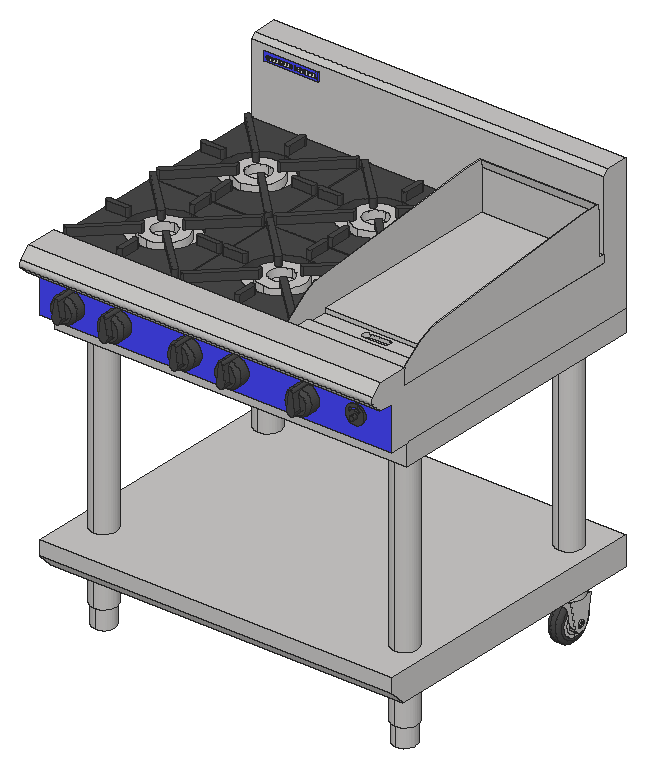
Revit family "QF_MOFFAT_BLUESEAL_CE_G516C-LS", category Specialty Equipment, Revit 2012 (continued)
Definition of nested family "GAS BURNER 600 & GRIDDLE 300"
  Definition of nested family "GAS BURNER 600"
    Forms (mm)
      Extrusion 2, solid, material "QF_Finishes_Black"
        sketch origin (0, 0, 19.5) x (0, -1, 0) y (1, 0, 0)
          loop
            spline (172.9, 291.102) -> (172.682, 292.396) -> (172.043, 293.602) -> (171.025, 294.638) -> (169.7, 295.432) -> (168.156, 295.932) -> (166.5, 296.102) -> (164.844, 295.932) -> (163.3, 295.432) -> (161.975, 294.638) -> (160.957, 293.602) -> (160.318, 292.396) -> (160.1, 291.102)
          loop
            spline (313.898, 284.847) -> (314.659, 285.916) -> (315.059, 287.221) -> (315.072, 288.672) -> (314.697, 290.171) -> (313.959, 291.616) -> (312.908, 292.908) -> (311.616, 293.959) -> (310.171, 294.697) -> (308.672, 295.072) -> (307.221, 295.059) -> (305.916, 294.659) -> (304.847, 293.898)
            line (304.847, 293.898) -> (193.424, 185.975)
            spline (193.424, 185.975) -> (192.663, 184.905) -> (192.262, 183.601) -> (192.249, 182.149) -> (192.625, 180.65) -> (193.363, 179.205) -> (194.414, 177.914) -> (195.705, 176.863) -> (197.15, 176.125) -> (198.649, 175.749) -> (200.101, 175.762) -> (201.405, 176.163) -> (202.475, 176.924)
            line (202.475, 176.924) -> (313.898, 284.847)
          loop
            spline (311.102, 143.6) -> (312.396, 143.818) -> (313.602, 144.457) -> (314.638, 145.475) -> (315.432, 146.8) -> (315.932, 148.344) -> (316.102, 150) -> (315.932, 151.656) -> (315.432, 153.2) -> (314.638, 154.525) -> (313.602, 155.543) -> (312.396, 156.182) -> (311.102, 156.4)
            line (311.102, 156.4) -> (261.898, 156.4)
            spline (261.898, 156.4) -> (260.604, 156.182) -> (259.398, 155.543) -> (258.362, 154.525) -> (257.568, 153.2) -> (257.068, 151.656) -> (256.898, 150) -> (257.068, 148.344) -> (257.568, 146.8) -> (258.362, 145.475) -> (259.398, 144.457) -> (260.604, 143.818) -> (261.898, 143.6)
            line (261.898, 143.6) -> (311.102, 143.6)
          loop
            line (313.898, 15.153) -> (202.475, 123.076)
            spline (202.475, 123.076) -> (201.405, 123.837) -> (200.101, 124.238) -> (198.649, 124.251) -> (197.15, 123.875) -> (195.705, 123.137) -> (194.414, 122.086) -> (193.363, 120.795) -> (192.625, 119.35) -> (192.249, 117.851) -> (192.262, 116.399) -> (192.663, 115.095) -> (193.424, 114.025)
            line (193.424, 114.025) -> (304.847, 6.102)
            spline (304.847, 6.102) -> (305.916, 5.341) -> (307.221, 4.941) -> (308.672, 4.928) -> (310.171, 5.303) -> (311.616, 6.041) -> (312.908, 7.092) -> (313.959, 8.384) -> (314.697, 9.829) -> (315.072, 11.328) -> (315.059, 12.779) -> (314.659, 14.084) -> (313.898, 15.153)
          loop
            line (172.9, 8.898) -> (172.9, 58.102)
            spline (172.9, 58.102) -> (172.682, 59.396) -> (172.043, 60.602) -> (171.025, 61.638) -> (169.7, 62.432) -> (168.156, 62.932) -> (166.5, 63.102) -> (164.844, 62.932) -> (163.3, 62.432) -> (161.975, 61.638) -> (160.957, 60.602) -> (160.318, 59.396) -> (160.1, 58.102)
            line (160.1, 58.102) -> (160.1, 8.898)
            spline (160.1, 8.898) -> (160.318, 7.604) -> (160.957, 6.398) -> (161.975, 5.362) -> (163.3, 4.568) -> (164.844, 4.068) -> (166.5, 3.898) -> (168.156, 4.068) -> (169.7, 4.568) -> (171.025, 5.362) -> (172.043, 6.398) -> (172.682, 7.604) -> (172.9, 8.898)
        from 0 to 20.5
      Extrusion 3, solid, material "QF_Finishes_Stainless Steel"
        sketch origin (0, -15.098, 0) x (0, -1, 0) y (1, 0, 0)
          loop
            circle (151.402, 150) r 57
          loop
            circle (451.402, 150) r 57
          loop
            circle (151.402, 150) r 30
          loop
            circle (451.402, 150) r 30
        from 0 to 20
      Extrusion 4, solid, material "QF_Finishes_Black"
        sketch origin (600, 0, 0) x (0, -1, 0) y (1, 0, 0)
          loop
            arc (318.5, -4) -> (317.621, -1.879) -> (315.5, -1) r 3
            line (315.5, -1) -> (3, -1)
            arc (3, -1) -> (0.879, -1.879) -> (0, -4) r 3
            line (0, -4) -> (0, -296)
            arc (0, -296) -> (0.879, -298.121) -> (3, -299) r 3
            line (3, -299) -> (315.5, -299)
            arc (315.5, -299) -> (317.621, -298.121) -> (318.5, -296) r 3
            line (318.5, -296) -> (318.5, -4)
          loop
            arc (324.5, -1) -> (322.379, -1.879) -> (321.5, -4) r 3
            line (321.5, -4) -> (321.5, -296)
            arc (321.5, -296) -> (322.379, -298.121) -> (324.5, -299) r 3
            line (324.5, -299) -> (632, -299)
            arc (632, -299) -> (634.121, -298.121) -> (635, -296) r 3
            line (635, -296) -> (635, -4)
            arc (635, -4) -> (634.121, -1.879) -> (632, -1) r 3
            line (632, -1) -> (324.5, -1)
          loop
            circle (168.5, -149.991) r 84.082
          loop
            circle (468.5, -149.991) r 84.082
        from 0 to 19.5
      Extrusion 5, solid, material "QF_Finishes_Black"
        sketch origin (600, 0, 19.5) x (0, -1, 0) y (1, 0, 0)
          loop
            line (326.102, -15.153) -> (434.025, -123.076)
            spline (434.025, -123.076) -> (435.095, -123.837) -> (436.399, -124.238) -> (437.851, -124.251) -> (439.35, -123.875) -> (440.795, -123.137) -> (442.086, -122.086) -> (443.137, -120.795) -> (443.875, -119.35) -> (444.251, -117.851) -> (444.238, -116.399) -> (443.837, -115.095) -> (443.076, -114.025)
            line (443.076, -114.025) -> (335.153, -6.102)
            spline (335.153, -6.102) -> (333.924, -5.181) -> (332.47, -4.631) -> (330.89, -4.49) -> (329.292, -4.767) -> (327.786, -5.443) -> (326.473, -6.473) -> (325.443, -7.786) -> (324.767, -9.292) -> (324.49, -10.89) -> (324.631, -12.47) -> (325.181, -13.924) -> (326.102, -15.153)
          loop
            line (328.898, -156.4) -> (378.102, -156.4)
            spline (378.102, -156.4) -> (379.396, -156.182) -> (380.602, -155.543) -> (381.638, -154.525) -> (382.432, -153.2) -> (382.932, -151.656) -> (383.102, -150) -> (382.932, -148.344) -> (382.432, -146.8) -> (381.638, -145.475) -> (380.602, -144.457) -> (379.396, -143.818) -> (378.102, -143.6)
            line (378.102, -143.6) -> (328.898, -143.6)
            spline (328.898, -143.6) -> (327.604, -143.818) -> (326.398, -144.457) -> (325.362, -145.475) -> (324.568, -146.8) -> (324.068, -148.344) -> (323.898, -150) -> (324.068, -151.656) -> (324.568, -153.2) -> (325.362, -154.525) -> (326.398, -155.543) -> (327.604, -156.182) -> (328.898, -156.4)
          loop
            line (335.153, -293.898) -> (443.076, -185.975)
            spline (443.076, -185.975) -> (443.837, -184.905) -> (444.238, -183.601) -> (444.251, -182.149) -> (443.875, -180.65) -> (443.137, -179.205) -> (442.086, -177.914) -> (440.795, -176.863) -> (439.35, -176.125) -> (437.851, -175.749) -> (436.399, -175.762) -> (435.095, -176.163) -> (434.025, -176.924)
            line (434.025, -176.924) -> (326.102, -284.847)
            spline (326.102, -284.847) -> (325.341, -285.916) -> (324.941, -287.221) -> (324.928, -288.672) -> (325.303, -290.171) -> (326.041, -291.616) -> (327.092, -292.908) -> (328.384, -293.959) -> (329.829, -294.697) -> (331.328, -295.072) -> (332.779, -295.059) -> (334.084, -294.659) -> (335.153, -293.898)
          loop
            spline (463.6, -291.102) -> (463.818, -292.396) -> (464.457, -293.602) -> (465.475, -294.638) -> (466.8, -295.432) -> (468.344, -295.932) -> (470, -296.102) -> (471.656, -295.932) -> (473.2, -295.432) -> (474.525, -294.638) -> (475.543, -293.602) -> (476.182, -292.396) -> (476.4, -291.102)
            line (476.4, -291.102) -> (476.4, -241.898)
            spline (476.4, -241.898) -> (476.182, -240.604) -> (475.543, -239.398) -> (474.525, -238.362) -> (473.2, -237.568) -> (471.656, -237.068) -> (470, -236.898) -> (468.344, -237.068) -> (466.8, -237.568) -> (465.475, -238.362) -> (464.457, -239.398) -> (463.818, -240.604) -> (463.6, -241.898)
            line (463.6, -241.898) -> (463.6, -291.102)
          loop
            line (612.398, -284.847) -> (505.975, -176.924)
            spline (505.975, -176.924) -> (504.905, -176.163) -> (503.601, -175.762) -> (502.149, -175.749) -> (500.65, -176.125) -> (499.205, -176.863) -> (497.914, -177.914) -> (496.863, -179.205) -> (496.125, -180.65) -> (495.749, -182.149) -> (495.762, -183.601) -> (496.163, -184.905) -> (496.924, -185.975)
            line (496.924, -185.975) -> (603.347, -293.898)
            spline (603.347, -293.898) -> (604.416, -294.659) -> (605.721, -295.059) -> (607.172, -295.072) -> (608.671, -294.697) -> (610.116, -293.959) -> (611.408, -292.908) -> (612.459, -291.616) -> (613.197, -290.171) -> (613.572, -288.672) -> (613.559, -287.221) -> (613.159, -285.916) -> (612.398, -284.847)
          loop
            line (609.602, -143.6) -> (561.898, -143.6)
            spline (561.898, -143.6) -> (560.604, -143.818) -> (559.398, -144.457) -> (558.362, -145.475) -> (557.568, -146.8) -> (557.068, -148.344) -> (556.898, -150) -> (557.068, -151.656) -> (557.568, -153.2) -> (558.362, -154.525) -> (559.398, -155.543) -> (560.604, -156.182) -> (561.898, -156.4)
            line (561.898, -156.4) -> (609.602, -156.4)
            spline (609.602, -156.4) -> (610.896, -156.182) -> (612.102, -155.543) -> (613.138, -154.525) -> (613.932, -153.2) -> (614.432, -151.656) -> (614.602, -150) -> (614.432, -148.344) -> (613.932, -146.8) -> (613.138, -145.475) -> (612.102, -144.457) -> (610.896, -143.818) -> (609.602, -143.6)
          loop
            spline (612.398, -15.153) -> (613.159, -14.084) -> (613.559, -12.779) -> (613.572, -11.328) -> (613.197, -9.829) -> (612.459, -8.384) -> (611.408, -7.092) -> (610.116, -6.041) -> (608.671, -5.303) -> (607.172, -4.928) -> (605.721, -4.941) -> (604.416, -5.341) -> (603.347, -6.102)
            line (603.347, -6.102) -> (496.924, -114.025)
            spline (496.924, -114.025) -> (496.163, -115.095) -> (495.762, -116.399) -> (495.749, -117.851) -> (496.125, -119.35) -> (496.863, -120.795) -> (497.914, -122.086) -> (499.205, -123.137) -> (500.65, -123.875) -> (502.149, -124.251) -> (503.601, -124.238) -> (504.905, -123.837) -> (505.975, -123.076)
            line (505.975, -123.076) -> (612.398, -15.153)
          loop
            spline (476.4, -8.898) -> (476.182, -7.604) -> (475.543, -6.398) -> (474.525, -5.362) -> (473.2, -4.568) -> (471.656, -4.068) -> (470, -3.898) -> (468.344, -4.068) -> (466.8, -4.568) -> (465.475, -5.362) -> (464.457, -6.398) -> (463.818, -7.604) -> (463.6, -8.898)
            line (463.6, -8.898) -> (463.6, -58.102)
            spline (463.6, -58.102) -> (463.818, -59.396) -> (464.457, -60.602) -> (465.475, -61.638) -> (466.8, -62.432) -> (468.344, -62.932) -> (470, -63.102) -> (471.656, -62.932) -> (473.2, -62.432) -> (474.525, -61.638) -> (475.543, -60.602) -> (476.182, -59.396) -> (476.4, -58.102)
            line (476.4, -58.102) -> (476.4, -8.898)
          loop
            line (22.602, -15.153) -> (130.525, -123.076)
            spline (130.525, -123.076) -> (131.595, -123.837) -> (132.899, -124.238) -> (134.351, -124.251) -> (135.85, -123.875) -> (137.295, -123.137) -> (138.586, -122.086) -> (139.637, -120.795) -> (140.375, -119.35) -> (140.751, -117.851) -> (140.738, -116.399) -> (140.337, -115.095) -> (139.576, -114.025)
            line (139.576, -114.025) -> (31.653, -6.102)
            spline (31.653, -6.102) -> (30.424, -5.181) -> (28.97, -4.631) -> (27.39, -4.49) -> (25.792, -4.767) -> (24.286, -5.443) -> (22.973, -6.473) -> (21.943, -7.786) -> (21.267, -9.292) -> (20.99, -10.89) -> (21.131, -12.47) -> (21.681, -13.924) -> (22.602, -15.153)
          loop
            line (25.398, -156.4) -> (74.602, -156.4)
            spline (74.602, -156.4) -> (75.896, -156.182) -> (77.102, -155.543) -> (78.138, -154.525) -> (78.932, -153.2) -> (79.432, -151.656) -> (79.602, -150) -> (79.432, -148.344) -> (78.932, -146.8) -> (78.138, -145.475) -> (77.102, -144.457) -> (75.896, -143.818) -> (74.602, -143.6)
            line (74.602, -143.6) -> (25.398, -143.6)
            spline (25.398, -143.6) -> (24.104, -143.818) -> (22.898, -144.457) -> (21.862, -145.475) -> (21.068, -146.8) -> (20.568, -148.344) -> (20.398, -150) -> (20.568, -151.656) -> (21.068, -153.2) -> (21.862, -154.525) -> (22.898, -155.543) -> (24.104, -156.182) -> (25.398, -156.4)
          loop
            line (31.653, -293.898) -> (139.576, -185.975)
            spline (139.576, -185.975) -> (140.337, -184.905) -> (140.738, -183.601) -> (140.751, -182.149) -> (140.375, -180.65) -> (139.637, -179.205) -> (138.586, -177.914) -> (137.295, -176.863) -> (135.85, -176.125) -> (134.351, -175.749) -> (132.899, -175.762) -> (131.595, -176.163) -> (130.525, -176.924)
            line (130.525, -176.924) -> (22.602, -284.847)
            spline (22.602, -284.847) -> (21.841, -285.916) -> (21.441, -287.221) -> (21.428, -288.672) -> (21.803, -290.171) -> (22.541, -291.616) -> (23.592, -292.908) -> (24.884, -293.959) -> (26.329, -294.697) -> (27.828, -295.072) -> (29.279, -295.059) -> (30.584, -294.659) -> (31.653, -293.898)
          loop
            spline (160.1, -291.102) -> (160.318, -292.396) -> (160.957, -293.602) -> (161.975, -294.638) -> (163.3, -295.432) -> (164.844, -295.932) -> (166.5, -296.102) -> (168.156, -295.932) -> (169.7, -295.432) -> (171.025, -294.638) -> (172.043, -293.602) -> (172.682, -292.396) -> (172.9, -291.102)
            line (172.9, -291.102) -> (172.9, -241.898)
            spline (172.9, -241.898) -> (172.682, -240.604) -> (172.043, -239.398) -> (171.025, -238.362) -> (169.7, -237.568) -> (168.156, -237.068) -> (166.5, -236.898) -> (164.844, -237.068) -> (163.3, -237.568) -> (161.975, -238.362) -> (160.957, -239.398) -> (160.318, -240.604) -> (160.1, -241.898)
            line (160.1, -241.898) -> (160.1, -291.102)
          loop
            line (313.898, -284.847) -> (202.475, -176.924)
            spline (202.475, -176.924) -> (201.405, -176.163) -> (200.101, -175.762) -> (198.649, -175.749) -> (197.15, -176.125) -> (195.705, -176.863) -> (194.414, -177.914) -> (193.363, -179.205) -> (192.625, -180.65) -> (192.249, -182.149) -> (192.262, -183.601) -> (192.663, -184.905) -> (193.424, -185.975)
            line (193.424, -185.975) -> (304.847, -293.898)
            spline (304.847, -293.898) -> (305.916, -294.659) -> (307.221, -295.059) -> (308.672, -295.072) -> (310.171, -294.697) -> (311.616, -293.959) -> (312.908, -292.908) -> (313.959, -291.616) -> (314.697, -290.171) -> (315.072, -288.672) -> (315.059, -287.221) -> (314.659, -285.916) -> (313.898, -284.847)
          loop
            line (311.102, -143.6) -> (261.898, -143.6)
            spline (261.898, -143.6) -> (260.604, -143.818) -> (259.398, -144.457) -> (258.362, -145.475) -> (257.568, -146.8) -> (257.068, -148.344) -> (256.898, -150) -> (257.068, -151.656) -> (257.568, -153.2) -> (258.362, -154.525) -> (259.398, -155.543) -> (260.604, -156.182) -> (261.898, -156.4)
            line (261.898, -156.4) -> (311.102, -156.4)
            spline (311.102, -156.4) -> (312.396, -156.182) -> (313.602, -155.543) -> (314.638, -154.525) -> (315.432, -153.2) -> (315.932, -151.656) -> (316.102, -150) -> (315.932, -148.344) -> (315.432, -146.8) -> (314.638, -145.475) -> (313.602, -144.457) -> (312.396, -143.818) -> (311.102, -143.6)
          loop
            spline (313.898, -15.153) -> (314.659, -14.084) -> (315.059, -12.779) -> (315.072, -11.328) -> (314.697, -9.829) -> (313.959, -8.384) -> (312.908, -7.092) -> (311.616, -6.041) -> (310.171, -5.303) -> (308.672, -4.928) -> (307.221, -4.941) -> (305.916, -5.341) -> (304.847, -6.102)
            line (304.847, -6.102) -> (193.424, -114.025)
            spline (193.424, -114.025) -> (192.663, -115.095) -> (192.262, -116.399) -> (192.249, -117.851) -> (192.625, -119.35) -> (193.363, -120.795) -> (194.414, -122.086) -> (195.705, -123.137) -> (197.15, -123.875) -> (198.649, -124.251) -> (200.101, -124.238) -> (201.405, -123.837) -> (202.475, -123.076)
            line (202.475, -123.076) -> (313.898, -15.153)
          loop
            spline (172.9, -8.898) -> (172.682, -7.604) -> (172.043, -6.398) -> (171.025, -5.362) -> (169.7, -4.568) -> (168.156, -4.068) -> (166.5, -3.898) -> (164.844, -4.068) -> (163.3, -4.568) -> (161.975, -5.362) -> (160.957, -6.398) -> (160.318, -7.604) -> (160.1, -8.898)
            line (160.1, -8.898) -> (160.1, -58.102)
            spline (160.1, -58.102) -> (160.318, -59.396) -> (160.957, -60.602) -> (161.975, -61.638) -> (163.3, -62.432) -> (164.844, -62.932) -> (166.5, -63.102) -> (168.156, -62.932) -> (169.7, -62.432) -> (171.025, -61.638) -> (172.043, -60.602) -> (172.682, -59.396) -> (172.9, -58.102)
            line (172.9, -58.102) -> (172.9, -8.898)
        from 0 to 20.5
      Extrusion 6, solid, material "QF_Finishes_Stainless Steel"
        sketch origin (600, -15.098, 0) x (0, -1, 0) y (1, 0, 0)
          loop
            circle (151.402, -150) r 57
          loop
            circle (451.402, -150) r 57
          loop
            circle (151.402, -150) r 30
          loop
            circle (451.402, -150) r 30
        from 0 to 20
    Lines and regions (mm)
      symbolic lines
        curve 1: line (284.847, -22.602, 0) -> (176.924, -130.525, 0)
        curve 2: spline (176.924, -130.525, 0) -> (176.163, -131.595, 0) -> (175.762, -132.899, 0) -> (175.749, -134.351, 0) -> (176.125, -135.85, 0) -> (176.863, -137.295, 0) -> (177.914, -138.586, 0) -> (179.205, -139.637, 0) -> (180.65, -140.375, 0) -> (182.149, -140.751, 0) -> (183.601, -140.738, 0) -> (184.905, -140.337, 0) -> (185.975, -139.576, 0)
        curve 3: line (185.975, -139.576, 0) -> (293.898, -31.653, 0)
        curve 4: spline (293.898, -31.653, 0) -> (294.659, -30.584, 0) -> (295.059, -29.279, 0) -> (295.072, -27.828, 0) -> (294.697, -26.329, 0) -> (293.959, -24.884, 0) -> (292.908, -23.592, 0) -> (291.616, -22.541, 0) -> (290.171, -21.803, 0) -> (288.672, -21.428, 0) -> (287.221, -21.441, 0) -> (285.916, -21.841, 0) -> (284.847, -22.602, 0)
        curve 5: line (291.102, -160.1, 0) -> (241.898, -160.1, 0)
        curve 6: spline (241.898, -160.1, 0) -> (240.604, -160.318, 0) -> (239.398, -160.957, 0) -> (238.362, -161.975, 0) -> (237.568, -163.3, 0) -> (237.068, -164.844, 0) -> (236.898, -166.5, 0) -> (237.068, -168.156, 0) -> (237.568, -169.7, 0) -> (238.362, -171.025, 0) -> (239.398, -172.043, 0) -> (240.604, -172.682, 0) -> (241.898, -172.9, 0)
        curve 7: line (241.898, -172.9, 0) -> (291.102, -172.9, 0)
        curve 8: spline (291.102, -172.9, 0) -> (292.396, -172.682, 0) -> (293.602, -172.043, 0) -> (294.638, -171.025, 0) -> (295.432, -169.7, 0) -> (295.932, -168.156, 0) -> (296.102, -166.5, 0) -> (295.932, -164.844, 0) -> (295.432, -163.3, 0) -> (294.638, -161.975, 0) -> (293.602, -160.957, 0) -> (292.396, -160.318, 0) -> (291.102, -160.1, 0)
        curve 9: line (306.102, -31.653, 0) -> (414.025, -139.576, 0)
        curve 10: spline (414.025, -139.576, 0) -> (415.095, -140.337, 0) -> (416.399, -140.738, 0) -> (417.851, -140.751, 0) -> (419.35, -140.375, 0) -> (420.795, -139.637, 0) -> (422.086, -138.586, 0) -> (423.137, -137.295, 0) -> (423.875, -135.85, 0) -> (424.251, -134.351, 0) -> (424.238, -132.899, 0) -> (423.837, -131.595, 0) -> (423.076, -130.525, 0)
        curve 11: line (423.076, -130.525, 0) -> (315.153, -22.602, 0)
        curve 12: spline (315.153, -22.602, 0) -> (314.084, -21.841, 0) -> (312.779, -21.441, 0) -> (311.328, -21.428, 0) -> (309.829, -21.803, 0) -> (308.384, -22.541, 0) -> (307.092, -23.592, 0) -> (306.041, -24.884, 0) -> (305.303, -26.329, 0) -> (304.928, -27.828, 0) -> (304.941, -29.279, 0) -> (305.341, -30.584, 0) -> (306.102, -31.653, 0)
        curve 13: line (443.6, -25.398, 0) -> (443.6, -74.602, 0)
        curve 14: spline (443.6, -74.602, 0) -> (443.818, -75.896, 0) -> (444.457, -77.102, 0) -> (445.475, -78.138, 0) -> (446.8, -78.932, 0) -> (448.344, -79.432, 0) -> (450, -79.602, 0) -> (451.656, -79.432, 0) -> (453.2, -78.932, 0) -> (454.525, -78.138, 0) -> (455.543, -77.102, 0) -> (456.182, -75.896, 0) -> (456.4, -74.602, 0)
        curve 15: line (456.4, -74.602, 0) -> (456.4, -25.398, 0)
        curve 16: spline (456.4, -25.398, 0) -> (456.182, -24.104, 0) -> (455.543, -22.898, 0) -> (454.525, -21.862, 0) -> (453.2, -21.068, 0) -> (451.656, -20.568, 0) -> (450, -20.398, 0) -> (448.344, -20.568, 0) -> (446.8, -21.068, 0) -> (445.475, -21.862, 0) -> (444.457, -22.898, 0) -> (443.818, -24.104, 0) -> (443.6, -25.398, 0)
        curve 17: line (584.847, -22.602, 0) -> (476.924, -130.525, 0)
        curve 18: spline (476.924, -130.525, 0) -> (476.163, -131.595, 0) -> (475.762, -132.899, 0) -> (475.749, -134.351, 0) -> (476.125, -135.85, 0) -> (476.863, -137.295, 0) -> (477.914, -138.586, 0) -> (479.205, -139.637, 0) -> (480.65, -140.375, 0) -> (482.149, -140.751, 0) -> (483.601, -140.738, 0) -> (484.905, -140.337, 0) -> (485.975, -139.576, 0)
        curve 19: line (485.975, -139.576, 0) -> (593.898, -31.653, 0)
        curve 20: spline (593.898, -31.653, 0) -> (594.819, -30.424, 0) -> (595.369, -28.97, 0) -> (595.51, -27.39, 0) -> (595.233, -25.792, 0) -> (594.557, -24.286, 0) -> (593.527, -22.973, 0) -> (592.214, -21.943, 0) -> (590.708, -21.267, 0) -> (589.11, -20.99, 0) -> (587.53, -21.131, 0) -> (586.076, -21.681, 0) -> (584.847, -22.602, 0)
        curve 21: line (591.102, -160.1, 0) -> (541.898, -160.1, 0)
        curve 22: spline (541.898, -160.1, 0) -> (540.604, -160.318, 0) -> (539.398, -160.957, 0) -> (538.362, -161.975, 0) -> (537.568, -163.3, 0) -> (537.068, -164.844, 0) -> (536.898, -166.5, 0) -> (537.068, -168.156, 0) -> (537.568, -169.7, 0) -> (538.362, -171.025, 0) -> (539.398, -172.043, 0) -> (540.604, -172.682, 0) -> (541.898, -172.9, 0)
        curve 23: line (541.898, -172.9, 0) -> (591.102, -172.9, 0)
        curve 24: spline (591.102, -172.9, 0) -> (592.396, -172.682, 0) -> (593.602, -172.043, 0) -> (594.638, -171.025, 0) -> (595.432, -169.7, 0) -> (595.932, -168.156, 0) -> (596.102, -166.5, 0) -> (595.932, -164.844, 0) -> (595.432, -163.3, 0) -> (594.638, -161.975, 0) -> (593.602, -160.957, 0) -> (592.396, -160.318, 0) -> (591.102, -160.1, 0)
        curve 25: line (593.898, -304.847, 0) -> (485.975, -193.424, 0)
        curve 26: spline (485.975, -193.424, 0) -> (484.905, -192.663, 0) -> (483.601, -192.262, 0) -> (482.149, -192.249, 0) -> (480.65, -192.625, 0) -> (479.205, -193.363, 0) -> (477.914, -194.414, 0) -> (476.863, -195.705, 0) -> (476.125, -197.15, 0) -> (475.749, -198.649, 0) -> (475.762, -200.101, 0) -> (476.163, -201.405, 0) -> (476.924, -202.475, 0)
        curve 27: line (476.924, -202.475, 0) -> (584.847, -313.898, 0)
        curve 28: spline (584.847, -313.898, 0) -> (585.916, -314.659, 0) -> (587.221, -315.059, 0) -> (588.672, -315.072, 0) -> (590.171, -314.697, 0) -> (591.616, -313.959, 0) -> (592.908, -312.908, 0) -> (593.959, -311.616, 0) -> (594.697, -310.171, 0) -> (595.072, -308.672, 0) -> (595.059, -307.221, 0) -> (594.659, -305.916, 0) -> (593.898, -304.847, 0)
        curve 29: arc (450, -223.5, 0) -> (468.725, -220.336, 0) -> (485.372, -211.197, 0) r 57
        curve 30: arc (450, -109.5, 0) -> (431.183, -112.696, 0) -> (414.475, -121.924, 0) r 57
        curve 31: arc (450.009, -84.418, 0) -> (478.534, -89.404, 0) -> (503.676, -103.773, 0) r 84.082
        curve 32: arc (450.009, -252.582, 0) -> (420.453, -247.216, 0) -> (394.669, -231.803, 0) r 84.082
        curve 33: arc (450, -136.5, 0) -> (480, -166.5, 0) -> (450, -196.5, 0) r 30
        curve 34: arc (450, -196.5, 0) -> (420, -166.5, 0) -> (450, -136.5, 0) r 30
        curve 35: arc (150, -223.5, 0) -> (168.725, -220.336, 0) -> (185.372, -211.197, 0) r 57
        curve 36: arc (150, -109.5, 0) -> (131.183, -112.696, 0) -> (114.475, -121.924, 0) r 57
        curve 37: arc (149.991, -84.418, 0) -> (178.523, -89.406, 0) -> (203.668, -103.781, 0) r 84.082
        curve 38: arc (149.991, -252.582, 0) -> (120.441, -247.219, 0) -> (94.661, -231.812, 0) r 84.082
        curve 39: line (156.4, -74.602, 0) -> (156.4, -25.398, 0)
        curve 40: spline (156.4, -25.398, 0) -> (156.182, -24.104, 0) -> (155.543, -22.898, 0) -> (154.525, -21.862, 0) -> (153.2, -21.068, 0) -> (151.656, -20.568, 0) -> (150, -20.398, 0) -> (148.344, -20.568, 0) -> (146.8, -21.068, 0) -> (145.475, -21.862, 0) -> (144.457, -22.898, 0) -> (143.818, -24.104, 0) -> (143.6, -25.398, 0)
        curve 41: line (143.6, -25.398, 0) -> (143.6, -74.602, 0)
        curve 42: spline (143.6, -74.602, 0) -> (143.818, -75.896, 0) -> (144.457, -77.102, 0) -> (145.475, -78.138, 0) -> (146.8, -78.932, 0) -> (148.344, -79.432, 0) -> (150, -79.602, 0) -> (151.656, -79.432, 0) -> (153.2, -78.932, 0) -> (154.525, -78.138, 0) -> (155.543, -77.102, 0) -> (156.182, -75.896, 0) -> (156.4, -74.602, 0)
        curve 43: line (358.102, -160.1, 0) -> (308.898, -160.1, 0)
        curve 44: spline (308.898, -160.1, 0) -> (307.604, -160.318, 0) -> (306.398, -160.957, 0) -> (305.362, -161.975, 0) -> (304.568, -163.3, 0) -> (304.068, -164.844, 0) -> (303.898, -166.5, 0) -> (304.068, -168.156, 0) -> (304.568, -169.7, 0) -> (305.362, -171.025, 0) -> (306.398, -172.043, 0) -> (307.604, -172.682, 0) -> (308.898, -172.9, 0)
        curve 45: line (308.898, -172.9, 0) -> (358.102, -172.9, 0)
        curve 46: spline (358.102, -172.9, 0) -> (359.396, -172.682, 0) -> (360.602, -172.043, 0) -> (361.638, -171.025, 0) -> (362.432, -169.7, 0) -> (362.932, -168.156, 0) -> (363.102, -166.5, 0) -> (362.932, -164.844, 0) -> (362.432, -163.3, 0) -> (361.638, -161.975, 0) -> (360.602, -160.957, 0) -> (359.396, -160.318, 0) -> (358.102, -160.1, 0)
        curve 47: line (414.025, -193.424, 0) -> (306.102, -304.847, 0)
        curve 48: spline (306.102, -304.847, 0) -> (305.341, -305.916, 0) -> (304.941, -307.221, 0) -> (304.928, -308.672, 0) -> (305.303, -310.171, 0) -> (306.041, -311.616, 0) -> (307.092, -312.908, 0) -> (308.384, -313.959, 0) -> (309.829, -314.697, 0) -> (311.328, -315.072, 0) -> (312.779, -315.059, 0) -> (314.084, -314.659, 0) -> (315.153, -313.898, 0)
        curve 49: line (315.153, -313.898, 0) -> (423.076, -202.475, 0)
        curve 50: spline (423.076, -202.475, 0) -> (423.837, -201.405, 0) -> (424.238, -200.101, 0) -> (424.251, -198.649, 0) -> (423.875, -197.15, 0) -> (423.137, -195.705, 0) -> (422.086, -194.414, 0) -> (420.795, -193.363, 0) -> (419.35, -192.625, 0) -> (417.851, -192.249, 0) -> (416.399, -192.262, 0) -> (415.095, -192.663, 0) -> (414.025, -193.424, 0)
        curve 51: line (456.4, -311.102, 0) -> (456.4, -261.898, 0)
        curve 52: spline (456.4, -261.898, 0) -> (456.182, -260.604, 0) -> (455.543, -259.398, 0) -> (454.525, -258.362, 0) -> (453.2, -257.568, 0) -> (451.656, -257.068, 0) -> (450, -256.898, 0) -> (448.344, -257.068, 0) -> (446.8, -257.568, 0) -> (445.475, -258.362, 0) -> (444.457, -259.398, 0) -> (443.818, -260.604, 0) -> (443.6, -261.898, 0)
        curve 53: line (443.6, -261.898, 0) -> (443.6, -311.102, 0)
        curve 54: spline (443.6, -311.102, 0) -> (443.818, -312.396, 0) -> (444.457, -313.602, 0) -> (445.475, -314.638, 0) -> (446.8, -315.432, 0) -> (448.344, -315.932, 0) -> (450, -316.102, 0) -> (451.656, -315.932, 0) -> (453.2, -315.432, 0) -> (454.525, -314.638, 0) -> (455.543, -313.602, 0) -> (456.182, -312.396, 0) -> (456.4, -311.102, 0)
        curve 55: line (596, 0, 0) -> (304, 0, 0)
        curve 56: arc (304, 0, 0) -> (301.879, -0.879, 0) -> (301, -3, 0) r 3
        curve 57: line (301, -3, 0) -> (301, -315.5, 0)
        curve 58: arc (301, -315.5, 0) -> (301.879, -317.621, 0) -> (304, -318.5, 0) r 3
        curve 59: line (304, -318.5, 0) -> (596, -318.5, 0)
        curve 60: arc (596, -318.5, 0) -> (598.121, -317.621, 0) -> (599, -315.5, 0) r 3
        curve 61: line (599, -315.5, 0) -> (599, -3, 0)
        curve 62: arc (599, -3, 0) -> (598.121, -0.879, 0) -> (596, 0, 0) r 3
        curve 63: line (296, 0, 0) -> (4, 0, 0)
        curve 64: arc (4, 0, 0) -> (1.879, -0.879, 0) -> (1, -3, 0) r 3
        curve 65: line (1, -3, 0) -> (1, -315.5, 0)
        curve 66: arc (1, -315.5, 0) -> (1.879, -317.621, 0) -> (4, -318.5, 0) r 3
        curve 67: line (4, -318.5, 0) -> (296, -318.5, 0)
        curve 68: arc (296, -318.5, 0) -> (298.121, -317.621, 0) -> (299, -315.5, 0) r 3
        curve 69: line (299, -315.5, 0) -> (299, -3, 0)
        curve 70: arc (299, -3, 0) -> (298.121, -0.879, 0) -> (296, 0, 0) r 3
        curve 71: line (296, -321.5, 0) -> (4, -321.5, 0)
        curve 72: arc (4, -321.5, 0) -> (1.879, -322.379, 0) -> (1, -324.5, 0) r 3
        curve 73: line (1, -324.5, 0) -> (1, -632, 0)
        curve 74: arc (1, -632, 0) -> (1.879, -634.121, 0) -> (4, -635, 0) r 3
        curve 75: line (4, -635, 0) -> (296, -635, 0)
        curve 76: arc (296, -635, 0) -> (298.121, -634.121, 0) -> (299, -632, 0) r 3
        curve 77: line (299, -632, 0) -> (299, -324.5, 0)
        curve 78: arc (299, -324.5, 0) -> (298.121, -322.379, 0) -> (296, -321.5, 0) r 3
        curve 79: line (596, -321.5, 0) -> (304, -321.5, 0)
        curve 80: arc (304, -321.5, 0) -> (301.879, -322.379, 0) -> (301, -324.5, 0) r 3
        curve 81: line (301, -324.5, 0) -> (301, -632, 0)
        curve 82: arc (301, -632, 0) -> (301.879, -634.121, 0) -> (304, -635, 0) r 3
        curve 83: line (304, -635, 0) -> (596, -635, 0)
        curve 84: arc (596, -635, 0) -> (598.121, -634.121, 0) -> (599, -632, 0) r 3
        curve 85: line (599, -632, 0) -> (599, -324.5, 0)
        curve 86: arc (599, -324.5, 0) -> (598.121, -322.379, 0) -> (596, -321.5, 0) r 3
        curve 87: line (293.898, -304.847, 0) -> (185.975, -193.424, 0)
        curve 88: spline (185.975, -193.424, 0) -> (184.905, -192.663, 0) -> (183.601, -192.262, 0) -> (182.149, -192.249, 0) -> (180.65, -192.625, 0) -> (179.205, -193.363, 0) -> (177.914, -194.414, 0) -> (176.863, -195.705, 0) -> (176.125, -197.15, 0) -> (175.749, -198.649, 0) -> (175.762, -200.101, 0) -> (176.163, -201.405, 0) -> (176.924, -202.475, 0)
        curve 89: line (176.924, -202.475, 0) -> (284.847, -313.898, 0)
        curve 90: spline (284.847, -313.898, 0) -> (285.916, -314.659, 0) -> (287.221, -315.059, 0) -> (288.672, -315.072, 0) -> (290.171, -314.697, 0) -> (291.616, -313.959, 0) -> (292.908, -312.908, 0) -> (293.959, -311.616, 0) -> (294.697, -310.171, 0) -> (295.072, -308.672, 0) -> (295.059, -307.221, 0) -> (294.659, -305.916, 0) -> (293.898, -304.847, 0)
        curve 91: line (15.153, -313.898, 0) -> (123.076, -202.475, 0)
        curve 92: spline (123.076, -202.475, 0) -> (123.837, -201.405, 0) -> (124.238, -200.101, 0) -> (124.251, -198.649, 0) -> (123.875, -197.15, 0) -> (123.137, -195.705, 0) -> (122.086, -194.414, 0) -> (120.795, -193.363, 0) -> (119.35, -192.625, 0) -> (117.851, -192.249, 0) -> (116.399, -192.262, 0) -> (115.095, -192.663, 0) -> (114.025, -193.424, 0)
        curve 93: line (114.025, -193.424, 0) -> (6.102, -304.847, 0)
        curve 94: spline (6.102, -304.847, 0) -> (5.341, -305.916, 0) -> (4.941, -307.221, 0) -> (4.928, -308.672, 0) -> (5.303, -310.171, 0) -> (6.041, -311.616, 0) -> (7.092, -312.908, 0) -> (8.384, -313.959, 0) -> (9.829, -314.697, 0) -> (11.328, -315.072, 0) -> (12.779, -315.059, 0) -> (14.084, -314.659, 0) -> (15.153, -313.898, 0)
        curve 95: line (8.898, -172.9, 0) -> (58.102, -172.9, 0)
        curve 96: spline (58.102, -172.9, 0) -> (59.396, -172.682, 0) -> (60.602, -172.043, 0) -> (61.638, -171.025, 0) -> (62.432, -169.7, 0) -> (62.932, -168.156, 0) -> (63.102, -166.5, 0) -> (62.932, -164.844, 0) -> (62.432, -163.3, 0) -> (61.638, -161.975, 0) -> (60.602, -160.957, 0) -> (59.396, -160.318, 0) -> (58.102, -160.1, 0)
        curve 97: line (58.102, -160.1, 0) -> (8.898, -160.1, 0)
        curve 98: spline (8.898, -160.1, 0) -> (7.604, -160.318, 0) -> (6.398, -160.957, 0) -> (5.362, -161.975, 0) -> (4.568, -163.3, 0) -> (4.068, -164.844, 0) -> (3.898, -166.5, 0) -> (4.068, -168.156, 0) -> (4.568, -169.7, 0) -> (5.362, -171.025, 0) -> (6.398, -172.043, 0) -> (7.604, -172.682, 0) -> (8.898, -172.9, 0)
        curve 99: line (6.102, -31.653, 0) -> (114.025, -139.576, 0)
        curve 100: spline (114.025, -139.576, 0) -> (115.095, -140.337, 0) -> (116.399, -140.738, 0) -> (117.851, -140.751, 0) -> (119.35, -140.375, 0) -> (120.795, -139.637, 0) -> (122.086, -138.586, 0) -> (123.137, -137.295, 0) -> (123.875, -135.85, 0) -> (124.251, -134.351, 0) -> (124.238, -132.899, 0) -> (123.837, -131.595, 0) -> (123.076, -130.525, 0)
        curve 101: line (123.076, -130.525, 0) -> (15.153, -22.602, 0)
        curve 102: spline (15.153, -22.602, 0) -> (13.924, -21.681, 0) -> (12.47, -21.131, 0) -> (10.89, -20.99, 0) -> (9.292, -21.267, 0) -> (7.786, -21.943, 0) -> (6.473, -22.973, 0) -> (5.443, -24.286, 0) -> (4.767, -25.792, 0) -> (4.49, -27.39, 0) -> (4.631, -28.97, 0) -> (5.181, -30.424, 0) -> (6.102, -31.653, 0)
        curve 103: arc (150, -136.5, 0) -> (180, -166.5, 0) -> (150, -196.5, 0) r 30
        curve 104: arc (150, -196.5, 0) -> (120, -166.5, 0) -> (150, -136.5, 0) r 30
        curve 105: line (156.4, -311.102, 0) -> (156.4, -261.898, 0)
        curve 106: spline (156.4, -261.898, 0) -> (156.182, -260.604, 0) -> (155.543, -259.398, 0) -> (154.525, -258.362, 0) -> (153.2, -257.568, 0) -> (151.656, -257.068, 0) -> (150, -256.898, 0) -> (148.344, -257.068, 0) -> (146.8, -257.568, 0) -> (145.475, -258.362, 0) -> (144.457, -259.398, 0) -> (143.818, -260.604, 0) -> (143.6, -261.898, 0)
        curve 107: line (143.6, -261.898, 0) -> (143.6, -311.102, 0)
        curve 108: spline (143.6, -311.102, 0) -> (143.818, -312.396, 0) -> (144.457, -313.602, 0) -> (145.475, -314.638, 0) -> (146.8, -315.432, 0) -> (148.344, -315.932, 0) -> (150, -316.102, 0) -> (151.656, -315.932, 0) -> (153.2, -315.432, 0) -> (154.525, -314.638, 0) -> (155.543, -313.602, 0) -> (156.182, -312.396, 0) -> (156.4, -311.102, 0)
        curve 109: line (156.4, -378.102, 0) -> (156.4, -328.898, 0)
        curve 110: spline (156.4, -328.898, 0) -> (156.182, -327.604, 0) -> (155.543, -326.398, 0) -> (154.525, -325.362, 0) -> (153.2, -324.568, 0) -> (151.656, -324.068, 0) -> (150, -323.898, 0) -> (148.344, -324.068, 0) -> (146.8, -324.568, 0) -> (145.475, -325.362, 0) -> (144.457, -326.398, 0) -> (143.818, -327.604, 0) -> (143.6, -328.898, 0)
        curve 111: line (143.6, -328.898, 0) -> (143.6, -378.102, 0)
        curve 112: spline (143.6, -378.102, 0) -> (143.818, -379.396, 0) -> (144.457, -380.602, 0) -> (145.475, -381.638, 0) -> (146.8, -382.432, 0) -> (148.344, -382.932, 0) -> (150, -383.102, 0) -> (151.656, -382.932, 0) -> (153.2, -382.432, 0) -> (154.525, -381.638, 0) -> (155.543, -380.602, 0) -> (156.182, -379.396, 0) -> (156.4, -378.102, 0)
        curve 113: line (284.847, -326.102, 0) -> (176.924, -434.025, 0)
        curve 114: spline (176.924, -434.025, 0) -> (176.163, -435.095, 0) -> (175.762, -436.399, 0) -> (175.749, -437.851, 0) -> (176.125, -439.35, 0) -> (176.863, -440.795, 0) -> (177.914, -442.086, 0) -> (179.205, -443.137, 0) -> (180.65, -443.875, 0) -> (182.149, -444.251, 0) -> (183.601, -444.238, 0) -> (184.905, -443.837, 0) -> (185.975, -443.076, 0)
        curve 115: line (185.975, -443.076, 0) -> (293.898, -335.153, 0)
        curve 116: spline (293.898, -335.153, 0) -> (294.659, -334.084, 0) -> (295.059, -332.779, 0) -> (295.072, -331.328, 0) -> (294.697, -329.829, 0) -> (293.959, -328.384, 0) -> (292.908, -327.092, 0) -> (291.616, -326.041, 0) -> (290.171, -325.303, 0) -> (288.672, -324.928, 0) -> (287.221, -324.941, 0) -> (285.916, -325.341, 0) -> (284.847, -326.102, 0)
        curve 117: line (123.076, -434.025, 0) -> (15.153, -326.102, 0)
        curve 118: spline (15.153, -326.102, 0) -> (13.924, -325.181, 0) -> (12.47, -324.631, 0) -> (10.89, -324.49, 0) -> (9.292, -324.767, 0) -> (7.786, -325.443, 0) -> (6.473, -326.473, 0) -> (5.443, -327.786, 0) -> (4.767, -329.292, 0) -> (4.49, -330.89, 0) -> (4.631, -332.47, 0) -> (5.181, -333.924, 0) -> (6.102, -335.153, 0)
        curve 119: line (6.102, -335.153, 0) -> (114.025, -443.076, 0)
        curve 120: spline (114.025, -443.076, 0) -> (115.095, -443.837, 0) -> (116.399, -444.238, 0) -> (117.851, -444.251, 0) -> (119.35, -443.875, 0) -> (120.795, -443.137, 0) -> (122.086, -442.086, 0) -> (123.137, -440.795, 0) -> (123.875, -439.35, 0) -> (124.251, -437.851, 0) -> (124.238, -436.399, 0) -> (123.837, -435.095, 0) -> (123.076, -434.025, 0)
        curve 121: line (58.102, -463.6, 0) -> (8.898, -463.6, 0)
        curve 122: spline (8.898, -463.6, 0) -> (7.604, -463.818, 0) -> (6.398, -464.457, 0) -> (5.362, -465.475, 0) -> (4.568, -466.8, 0) -> (4.068, -468.344, 0) -> (3.898, -470, 0) -> (4.068, -471.656, 0) -> (4.568, -473.2, 0) -> (5.362, -474.525, 0) -> (6.398, -475.543, 0) -> (7.604, -476.182, 0) -> (8.898, -476.4, 0)
        curve 123: line (8.898, -476.4, 0) -> (58.102, -476.4, 0)
        curve 124: spline (58.102, -476.4, 0) -> (59.396, -476.182, 0) -> (60.602, -475.543, 0) -> (61.638, -474.525, 0) -> (62.432, -473.2, 0) -> (62.932, -471.656, 0) -> (63.102, -470, 0) -> (62.932, -468.344, 0) -> (62.432, -466.8, 0) -> (61.638, -465.475, 0) -> (60.602, -464.457, 0) -> (59.396, -463.818, 0) -> (58.102, -463.6, 0)
        curve 125: line (114.025, -496.924, 0) -> (6.102, -603.347, 0)
        curve 126: spline (6.102, -603.347, 0) -> (5.341, -604.416, 0) -> (4.941, -605.721, 0) -> (4.928, -607.172, 0) -> (5.303, -608.671, 0) -> (6.041, -610.116, 0) -> (7.092, -611.408, 0) -> (8.384, -612.459, 0) -> (9.829, -613.197, 0) -> (11.328, -613.572, 0) -> (12.779, -613.559, 0) -> (14.084, -613.159, 0) -> (15.153, -612.398, 0)
        curve 127: line (15.153, -612.398, 0) -> (123.076, -505.975, 0)
        curve 128: spline (123.076, -505.975, 0) -> (123.837, -504.905, 0) -> (124.238, -503.601, 0) -> (124.251, -502.149, 0) -> (123.875, -500.65, 0) -> (123.137, -499.205, 0) -> (122.086, -497.914, 0) -> (120.795, -496.863, 0) -> (119.35, -496.125, 0) -> (117.851, -495.749, 0) -> (116.399, -495.762, 0) -> (115.095, -496.163, 0) -> (114.025, -496.924, 0)
        curve 129: line (156.4, -609.602, 0) -> (156.4, -561.898, 0)
        curve 130: spline (156.4, -561.898, 0) -> (156.182, -560.604, 0) -> (155.543, -559.398, 0) -> (154.525, -558.362, 0) -> (153.2, -557.568, 0) -> (151.656, -557.068, 0) -> (150, -556.898, 0) -> (148.344, -557.068, 0) -> (146.8, -557.568, 0) -> (145.475, -558.362, 0) -> (144.457, -559.398, 0) -> (143.818, -560.604, 0) -> (143.6, -561.898, 0)
        curve 131: line (143.6, -561.898, 0) -> (143.6, -609.602, 0)
        curve 132: spline (143.6, -609.602, 0) -> (143.818, -610.896, 0) -> (144.457, -612.102, 0) -> (145.475, -613.138, 0) -> (146.8, -613.932, 0) -> (148.344, -614.432, 0) -> (150, -614.602, 0) -> (151.656, -614.432, 0) -> (153.2, -613.932, 0) -> (154.525, -613.138, 0) -> (155.543, -612.102, 0) -> (156.182, -610.896, 0) -> (156.4, -609.602, 0)
        curve 133: line (176.924, -505.975, 0) -> (284.847, -612.398, 0)
        curve 134: spline (284.847, -612.398, 0) -> (285.916, -613.159, 0) -> (287.221, -613.559, 0) -> (288.672, -613.572, 0) -> (290.171, -613.197, 0) -> (291.616, -612.459, 0) -> (292.908, -611.408, 0) -> (293.959, -610.116, 0) -> (294.697, -608.671, 0) -> (295.072, -607.172, 0) -> (295.059, -605.721, 0) -> (294.659, -604.416, 0) -> (293.898, -603.347, 0)
        curve 135: line (293.898, -603.347, 0) -> (185.975, -496.924, 0)
        curve 136: spline (185.975, -496.924, 0) -> (184.905, -496.163, 0) -> (183.601, -495.762, 0) -> (182.149, -495.749, 0) -> (180.65, -496.125, 0) -> (179.205, -496.863, 0) -> (177.914, -497.914, 0) -> (176.863, -499.205, 0) -> (176.125, -500.65, 0) -> (175.749, -502.149, 0) -> (175.762, -503.601, 0) -> (176.163, -504.905, 0) -> (176.924, -505.975, 0)
        curve 137: arc (149.991, -384.418, 0) -> (179.687, -389.836, 0) -> (205.556, -405.393, 0) r 84.082
        curve 138: arc (149.991, -552.582, 0) -> (121.173, -547.489, 0) -> (95.845, -532.827, 0) r 84.082
        curve 139: arc (150, -523.5, 0) -> (167.666, -520.693, 0) -> (183.592, -512.55, 0) r 57
        curve 140: arc (150, -409.5, 0) -> (130.014, -413.119, 0) -> (112.566, -423.515, 0) r 57
        curve 141: arc (150, -436.5, 0) -> (180, -466.5, 0) -> (150, -496.5, 0) r 30
        curve 142: arc (150, -496.5, 0) -> (120, -466.5, 0) -> (150, -436.5, 0) r 30
        curve 143: line (291.102, -463.6, 0) -> (241.898, -463.6, 0)
        curve 144: spline (241.898, -463.6, 0) -> (240.604, -463.818, 0) -> (239.398, -464.457, 0) -> (238.362, -465.475, 0) -> (237.568, -466.8, 0) -> (237.068, -468.344, 0) -> (236.898, -470, 0) -> (237.068, -471.656, 0) -> (237.568, -473.2, 0) -> (238.362, -474.525, 0) -> (239.398, -475.543, 0) -> (240.604, -476.182, 0) -> (241.898, -476.4, 0)
        curve 145: line (241.898, -476.4, 0) -> (291.102, -476.4, 0)
        curve 146: spline (291.102, -476.4, 0) -> (292.396, -476.182, 0) -> (293.602, -475.543, 0) -> (294.638, -474.525, 0) -> (295.432, -473.2, 0) -> (295.932, -471.656, 0) -> (296.102, -470, 0) -> (295.932, -468.344, 0) -> (295.432, -466.8, 0) -> (294.638, -465.475, 0) -> (293.602, -464.457, 0) -> (292.396, -463.818, 0) -> (291.102, -463.6, 0)
        curve 147: line (423.076, -434.025, 0) -> (315.153, -326.102, 0)
        curve 148: spline (315.153, -326.102, 0) -> (314.084, -325.341, 0) -> (312.779, -324.941, 0) -> (311.328, -324.928, 0) -> (309.829, -325.303, 0) -> (308.384, -326.041, 0) -> (307.092, -327.092, 0) -> (306.041, -328.384, 0) -> (305.303, -329.829, 0) -> (304.928, -331.328, 0) -> (304.941, -332.779, 0) -> (305.341, -334.084, 0) -> (306.102, -335.153, 0)
        curve 149: line (306.102, -335.153, 0) -> (414.025, -443.076, 0)
        curve 150: spline (414.025, -443.076, 0) -> (415.095, -443.837, 0) -> (416.399, -444.238, 0) -> (417.851, -444.251, 0) -> (419.35, -443.875, 0) -> (420.795, -443.137, 0) -> (422.086, -442.086, 0) -> (423.137, -440.795, 0) -> (423.875, -439.35, 0) -> (424.251, -437.851, 0) -> (424.238, -436.399, 0) -> (423.837, -435.095, 0) -> (423.076, -434.025, 0)
        curve 151: line (443.6, -328.898, 0) -> (443.6, -378.102, 0)
        curve 152: spline (443.6, -378.102, 0) -> (443.818, -379.396, 0) -> (444.457, -380.602, 0) -> (445.475, -381.638, 0) -> (446.8, -382.432, 0) -> (448.344, -382.932, 0) -> (450, -383.102, 0) -> (451.656, -382.932, 0) -> (453.2, -382.432, 0) -> (454.525, -381.638, 0) -> (455.543, -380.602, 0) -> (456.182, -379.396, 0) -> (456.4, -378.102, 0)
        curve 153: line (456.4, -378.102, 0) -> (456.4, -328.898, 0)
        curve 154: spline (456.4, -328.898, 0) -> (456.182, -327.604, 0) -> (455.543, -326.398, 0) -> (454.525, -325.362, 0) -> (453.2, -324.568, 0) -> (451.656, -324.068, 0) -> (450, -323.898, 0) -> (448.344, -324.068, 0) -> (446.8, -324.568, 0) -> (445.475, -325.362, 0) -> (444.457, -326.398, 0) -> (443.818, -327.604, 0) -> (443.6, -328.898, 0)
        curve 155: line (584.847, -326.102, 0) -> (476.924, -434.025, 0)
        curve 156: spline (476.924, -434.025, 0) -> (476.163, -435.095, 0) -> (475.762, -436.399, 0) -> (475.749, -437.851, 0) -> (476.125, -439.35, 0) -> (476.863, -440.795, 0) -> (477.914, -442.086, 0) -> (479.205, -443.137, 0) -> (480.65, -443.875, 0) -> (482.149, -444.251, 0) -> (483.601, -444.238, 0) -> (484.905, -443.837, 0) -> (485.975, -443.076, 0)
        curve 157: line (485.975, -443.076, 0) -> (593.898, -335.153, 0)
        curve 158: spline (593.898, -335.153, 0) -> (594.819, -333.924, 0) -> (595.369, -332.47, 0) -> (595.51, -330.89, 0) -> (595.233, -329.292, 0) -> (594.557, -327.786, 0) -> (593.527, -326.473, 0) -> (592.214, -325.443, 0) -> (590.708, -324.767, 0) -> (589.11, -324.49, 0) -> (587.53, -324.631, 0) -> (586.076, -325.181, 0) -> (584.847, -326.102, 0)
        curve 159: line (591.102, -463.6, 0) -> (541.898, -463.6, 0)
        curve 160: spline (541.898, -463.6, 0) -> (540.604, -463.818, 0) -> (539.398, -464.457, 0) -> (538.362, -465.475, 0) -> (537.568, -466.8, 0) -> (537.068, -468.344, 0) -> (536.898, -470, 0) -> (537.068, -471.656, 0) -> (537.568, -473.2, 0) -> (538.362, -474.525, 0) -> (539.398, -475.543, 0) -> (540.604, -476.182, 0) -> (541.898, -476.4, 0)
        curve 161: line (541.898, -476.4, 0) -> (591.102, -476.4, 0)
        curve 162: spline (591.102, -476.4, 0) -> (592.396, -476.182, 0) -> (593.602, -475.543, 0) -> (594.638, -474.525, 0) -> (595.432, -473.2, 0) -> (595.932, -471.656, 0) -> (596.102, -470, 0) -> (595.932, -468.344, 0) -> (595.432, -466.8, 0) -> (594.638, -465.475, 0) -> (593.602, -464.457, 0) -> (592.396, -463.818, 0) -> (591.102, -463.6, 0)
        curve 163: line (593.898, -603.347, 0) -> (485.975, -496.924, 0)
        curve 164: spline (485.975, -496.924, 0) -> (484.905, -496.163, 0) -> (483.601, -495.762, 0) -> (482.149, -495.749, 0) -> (480.65, -496.125, 0) -> (479.205, -496.863, 0) -> (477.914, -497.914, 0) -> (476.863, -499.205, 0) -> (476.125, -500.65, 0) -> (475.749, -502.149, 0) -> (475.762, -503.601, 0) -> (476.163, -504.905, 0) -> (476.924, -505.975, 0)
        curve 165: line (476.924, -505.975, 0) -> (584.847, -612.398, 0)
        curve 166: spline (584.847, -612.398, 0) -> (585.916, -613.159, 0) -> (587.221, -613.559, 0) -> (588.672, -613.572, 0) -> (590.171, -613.197, 0) -> (591.616, -612.459, 0) -> (592.908, -611.408, 0) -> (593.959, -610.116, 0) -> (594.697, -608.671, 0) -> (595.072, -607.172, 0) -> (595.059, -605.721, 0) -> (594.659, -604.416, 0) -> (593.898, -603.347, 0)
        curve 167: line (315.153, -612.398, 0) -> (423.076, -505.975, 0)
        curve 168: spline (423.076, -505.975, 0) -> (423.837, -504.905, 0) -> (424.238, -503.601, 0) -> (424.251, -502.149, 0) -> (423.875, -500.65, 0) -> (423.137, -499.205, 0) -> (422.086, -497.914, 0) -> (420.795, -496.863, 0) -> (419.35, -496.125, 0) -> (417.851, -495.749, 0) -> (416.399, -495.762, 0) -> (415.095, -496.163, 0) -> (414.025, -496.924, 0)
        curve 169: line (414.025, -496.924, 0) -> (306.102, -603.347, 0)
        curve 170: spline (306.102, -603.347, 0) -> (305.341, -604.416, 0) -> (304.941, -605.721, 0) -> (304.928, -607.172, 0) -> (305.303, -608.671, 0) -> (306.041, -610.116, 0) -> (307.092, -611.408, 0) -> (308.384, -612.459, 0) -> (309.829, -613.197, 0) -> (311.328, -613.572, 0) -> (312.779, -613.559, 0) -> (314.084, -613.159, 0) -> (315.153, -612.398, 0)
        curve 171: line (308.898, -476.4, 0) -> (358.102, -476.4, 0)
        curve 172: spline (358.102, -476.4, 0) -> (359.396, -476.182, 0) -> (360.602, -475.543, 0) -> (361.638, -474.525, 0) -> (362.432, -473.2, 0) -> (362.932, -471.656, 0) -> (363.102, -470, 0) -> (362.932, -468.344, 0) -> (362.432, -466.8, 0) -> (361.638, -465.475, 0) -> (360.602, -464.457, 0) -> (359.396, -463.818, 0) -> (358.102, -463.6, 0)
        curve 173: line (358.102, -463.6, 0) -> (308.898, -463.6, 0)
        curve 174: spline (308.898, -463.6, 0) -> (307.604, -463.818, 0) -> (306.398, -464.457, 0) -> (305.362, -465.475, 0) -> (304.568, -466.8, 0) -> (304.068, -468.344, 0) -> (303.898, -470, 0) -> (304.068, -471.656, 0) -> (304.568, -473.2, 0) -> (305.362, -474.525, 0) -> (306.398, -475.543, 0) -> (307.604, -476.182, 0) -> (308.898, -476.4, 0)
        curve 175: line (456.4, -609.602, 0) -> (456.4, -561.898, 0)
        curve 176: spline (456.4, -561.898, 0) -> (456.182, -560.604, 0) -> (455.543, -559.398, 0) -> (454.525, -558.362, 0) -> (453.2, -557.568, 0) -> (451.656, -557.068, 0) -> (450, -556.898, 0) -> (448.344, -557.068, 0) -> (446.8, -557.568, 0) -> (445.475, -558.362, 0) -> (444.457, -559.398, 0) -> (443.818, -560.604, 0) -> (443.6, -561.898, 0)
        curve 177: line (443.6, -561.898, 0) -> (443.6, -609.602, 0)
        curve 178: spline (443.6, -609.602, 0) -> (443.818, -610.896, 0) -> (444.457, -612.102, 0) -> (445.475, -613.138, 0) -> (446.8, -613.932, 0) -> (448.344, -614.432, 0) -> (450, -614.602, 0) -> (451.656, -614.432, 0) -> (453.2, -613.932, 0) -> (454.525, -613.138, 0) -> (455.543, -612.102, 0) -> (456.182, -610.896, 0) -> (456.4, -609.602, 0)
        curve 179: arc (450.009, -384.418, 0) -> (479.699, -389.834, 0) -> (505.564, -405.385, 0) r 84.082
        curve 180: arc (450.009, -552.582, 0) -> (417.885, -546.204, 0) -> (390.635, -528.036, 0) r 84.082
        curve 181: arc (450, -523.5, 0) -> (467.666, -520.693, 0) -> (483.592, -512.55, 0) r 57
        curve 182: arc (450, -409.5, 0) -> (430.014, -413.119, 0) -> (412.566, -423.515, 0) r 57
        curve 183: arc (450, -436.5, 0) -> (480, -466.5, 0) -> (450, -496.5, 0) r 30
        curve 184: arc (450, -496.5, 0) -> (420, -466.5, 0) -> (450, -436.5, 0) r 30
        curve 185: arc (96.324, -103.773, 0) -> (121.466, -89.404, 0) -> (149.991, -84.418, 0) r 84.082
        curve 186: arc (212.871, -112.68, 0) -> (234.066, -167.408, 0) -> (214.3, -222.668, 0) r 84.082
        curve 187: arc (194.454, -202.178, 0) -> (207, -166.598, 0) -> (194.576, -130.975, 0) r 57
        curve 188: arc (114.628, -211.197, 0) -> (131.275, -220.336, 0) -> (150, -223.5, 0) r 57
        curve 189: arc (405.424, -130.975, 0) -> (393, -166.598, 0) -> (405.546, -202.178, 0) r 57
        curve 190: arc (485.525, -121.924, 0) -> (468.817, -112.696, 0) -> (450, -109.5, 0) r 57
        curve 191: arc (494.454, -202.178, 0) -> (507, -166.598, 0) -> (494.576, -130.975, 0) r 57
        curve 192: arc (414.628, -211.197, 0) -> (431.275, -220.336, 0) -> (450, -223.5, 0) r 57
        curve 193: arc (105.424, -130.975, 0) -> (93, -166.598, 0) -> (105.546, -202.178, 0) r 57
        curve 194: arc (514.501, -414.55, 0) -> (534.086, -469.429, 0) -> (513.293, -523.862, 0) r 84.082
        curve 195: arc (504.155, -532.827, 0) -> (478.827, -547.489, 0) -> (450.009, -552.582, 0) r 84.082
        curve 196: arc (493.031, -503.881, 0) -> (506.947, -468.956, 0) -> (496.089, -432.962, 0) r 57
        curve 197: arc (416.408, -512.55, 0) -> (432.334, -520.693, 0) -> (450, -523.5, 0) r 57
        curve 198: arc (403.911, -432.962, 0) -> (393.053, -468.956, 0) -> (406.969, -503.881, 0) r 57
        curve 199: arc (487.434, -423.515, 0) -> (469.986, -413.119, 0) -> (450, -409.5, 0) r 57
        curve 200: arc (187.434, -423.515, 0) -> (169.986, -413.119, 0) -> (150, -409.5, 0) r 57
        curve 201: arc (103.911, -432.962, 0) -> (93.053, -468.956, 0) -> (106.969, -503.881, 0) r 57
        curve 202: arc (109.732, -506.842, 0) -> (110.614, -507.704, 0) -> (111.516, -508.547, 0) r 57
        curve 203: arc (193.031, -503.881, 0) -> (206.947, -468.956, 0) -> (196.089, -432.962, 0) r 57
        curve 204: arc (214.491, -414.56, 0) -> (234.068, -469.429, 0) -> (213.283, -523.853, 0) r 84.082
        curve 205: arc (94.436, -405.385, 0) -> (120.301, -389.834, 0) -> (149.991, -384.418, 0) r 84.082
        curve 206: arc (86.707, -523.862, 0) -> (65.914, -469.429, 0) -> (85.499, -414.55, 0) r 84.082
        curve 207: arc (116.408, -512.55, 0) -> (132.334, -520.693, 0) -> (150, -523.5, 0) r 57
        curve 208: arc (204.147, -532.819, 0) -> (178.816, -547.487, 0) -> (149.991, -552.582, 0) r 84.082
        curve 209: arc (394.444, -405.393, 0) -> (420.313, -389.836, 0) -> (450.009, -384.418, 0) r 84.082
        curve 210: arc (390.635, -528.036, 0) -> (366.012, -472.294, 0) -> (385.509, -414.56, 0) r 84.082
        curve 211: arc (185.525, -121.924, 0) -> (168.817, -112.696, 0) -> (150, -109.5, 0) r 57
        curve 212: arc (396.332, -103.781, 0) -> (421.477, -89.406, 0) -> (450.009, -84.418, 0) r 84.082
        curve 213: arc (512.881, -112.67, 0) -> (534.084, -167.408, 0) -> (514.31, -222.678, 0) r 84.082
        curve 214: arc (505.339, -231.812, 0) -> (479.559, -247.219, 0) -> (450.009, -252.582, 0) r 84.082
        curve 215: arc (385.7, -222.668, 0) -> (365.934, -167.408, 0) -> (387.129, -112.68, 0) r 84.082
        curve 216: arc (205.331, -231.803, 0) -> (179.547, -247.216, 0) -> (149.991, -252.582, 0) r 84.082
        curve 217: arc (85.69, -222.678, 0) -> (65.916, -167.408, 0) -> (87.119, -112.67, 0) r 84.082
    Dimensions and locks
      equal spacing: plane 3 "LEFT", plane 7 "Center Y", plane 4 "RIGHT"
      "Width": plane 3 "LEFT" to plane 4 "RIGHT"
      equal spacing: plane 5 "FRONT", plane 8 "Center X", plane 1 "BACK"
      "Depth": plane 5 "FRONT" to plane 1 "BACK"
      aligned and locked: level to plane 2
    Automatic sketch dimensions
      plane 3 "LEFT" to Extrusion 1 sketch curve = 4 mm  (x2)
      plane 1 "BACK" to Extrusion 1 sketch curve = 0 mm
      plane 3 "LEFT" to Extrusion 1 sketch curve = 1 mm  (x2)
      Extrusion 1 sketch curve to Extrusion 1 sketch curve = 3 mm  (x5)
      plane 8 "Center X" to Extrusion 1 sketch curve = 149 mm
      Extrusion 1 sketch curve to plane 7 "Center Y" = 1 mm  (x2)
      plane 8 "Center X" to Extrusion 1 sketch curve = 2 mm  (x2)
      Extrusion 1 sketch curve to plane 5 "FRONT" = 166.5 mm
      Extrusion 1 sketch curve to plane 5 "FRONT" = 3 mm  (x2)
      plane 3 "LEFT" to Extrusion 1 sketch curve = 149.991 mm  (x2)
      Extrusion 2 sketch curve to Extrusion 1 = 22.602 mm  (x2)
      Extrusion 2 sketch curve to Extrusion 1 = 25.398 mm  (x2)
      Extrusion 2 sketch curve to Extrusion 2 sketch curve = 4.525 mm  (x16)
      Extrusion 2 sketch curve to Extrusion 2 sketch curve = 49.204 mm  (x5)
      Extrusion 2 sketch curve to Extrusion 2 sketch curve = 55.923 mm  (x5)
      Extrusion 2 sketch curve to Extrusion 2 sketch curve = 0 mm  (x5)
      Extrusion 2 sketch curve to Extrusion 2 sketch curve = 20.524 mm  (x8)
      Extrusion 2 sketch curve to Extrusion 2 sketch curve = 6.4 mm  (x8)
      Extrusion 2 sketch curve to Extrusion 2 sketch curve = 53.847 mm  (x8)
      Extrusion 2 sketch curve to Extrusion 1 = 56.602 mm
      Extrusion 2 sketch curve to Extrusion 1 = 5.102 mm  (x6)
      Extrusion 2 sketch curve to Extrusion 1 = 13.653 mm  (x2)
      Extrusion 2 sketch curve to Extrusion 1 = 7.398 mm  (x2)
      Extrusion 2 sketch curve to Extrusion 1 = 4.602 mm  (x2)
      Extrusion 2 sketch curve to Extrusion 1 = 7.898 mm  (x4)
      Extrusion 2 sketch curve to Extrusion 1 = 31.653 mm  (x2)
      Extrusion 2 sketch curve to Extrusion 1 = 57.102 mm
      Extrusion 2 sketch curve to Extrusion 1 = 14.153 mm
      Extrusion 3 sketch curve to Extrusion 3 sketch curve = 0 mm  (x24)
      plane 8 "Center X" to Extrusion 3 sketch curve = 208 mm
      Extrusion 3 sketch curve to Extrusion 3 sketch curve = 27 mm  (x2)
      Extrusion 3 sketch curve to Extrusion 3 sketch curve = 30 mm  (x2)
      Extrusion 3 sketch curve to plane 5 "FRONT" = 225.5 mm
      plane 3 "LEFT" to Extrusion 3 sketch curve = 150 mm  (x2)
      plane 4 "RIGHT" to Extrusion 4 sketch curve = 4 mm  (x2)
      plane 1 "BACK" to Extrusion 4 sketch curve = 0 mm
      plane 4 "RIGHT" to Extrusion 4 sketch curve = 1 mm  (x2)
      Extrusion 4 sketch curve to Extrusion 4 sketch curve = 3 mm  (x5)
      plane 8 "Center X" to Extrusion 4 sketch curve = 149 mm
      plane 7 "Center Y" to Extrusion 4 sketch curve = 1 mm  (x2)
      plane 8 "Center X" to Extrusion 4 sketch curve = 2 mm  (x2)
      Extrusion 4 sketch curve to plane 5 "FRONT" = 166.5 mm
      Extrusion 4 sketch curve to plane 5 "FRONT" = 3 mm  (x2)
      plane 4 "RIGHT" to Extrusion 4 sketch curve = 149.991 mm  (x2)
      Extrusion 5 sketch curve to Extrusion 4 = 22.602 mm  (x2)
      Extrusion 5 sketch curve to Extrusion 4 = 25.398 mm  (x2)
      Extrusion 5 sketch curve to Extrusion 5 sketch curve = 4.525 mm  (x16)
      Extrusion 5 sketch curve to Extrusion 5 sketch curve = 49.204 mm  (x4)
      Extrusion 5 sketch curve to Extrusion 5 sketch curve = 55.923 mm  (x5)
      Extrusion 5 sketch curve to Extrusion 5 sketch curve = 0 mm  (x6)
      Extrusion 5 sketch curve to Extrusion 5 sketch curve = 20.524 mm  (x7)
      Extrusion 5 sketch curve to Extrusion 5 sketch curve = 6.4 mm  (x8)
      Extrusion 5 sketch curve to Extrusion 5 sketch curve = 53.847 mm  (x8)
      Extrusion 5 sketch curve to Extrusion 4 = 56.602 mm
      Extrusion 5 sketch curve to Extrusion 4 = 5.102 mm  (x6)
      Extrusion 5 sketch curve to Extrusion 4 = 13.653 mm  (x2)
      Extrusion 5 sketch curve to Extrusion 4 = 7.398 mm  (x2)
      Extrusion 5 sketch curve to Extrusion 4 = 4.602 mm  (x2)
      Extrusion 5 sketch curve to Extrusion 4 = 7.898 mm  (x4)
      Extrusion 5 sketch curve to Extrusion 4 = 31.653 mm  (x2)
      Extrusion 5 sketch curve to Extrusion 4 = 57.102 mm  (x2)
      Extrusion 5 sketch curve to Extrusion 4 = 14.153 mm
      Extrusion 6 sketch curve to Extrusion 6 sketch curve = 0 mm  (x24)
      plane 8 "Center X" to Extrusion 6 sketch curve = 208 mm
      Extrusion 6 sketch curve to Extrusion 6 sketch curve = 27 mm  (x2)
